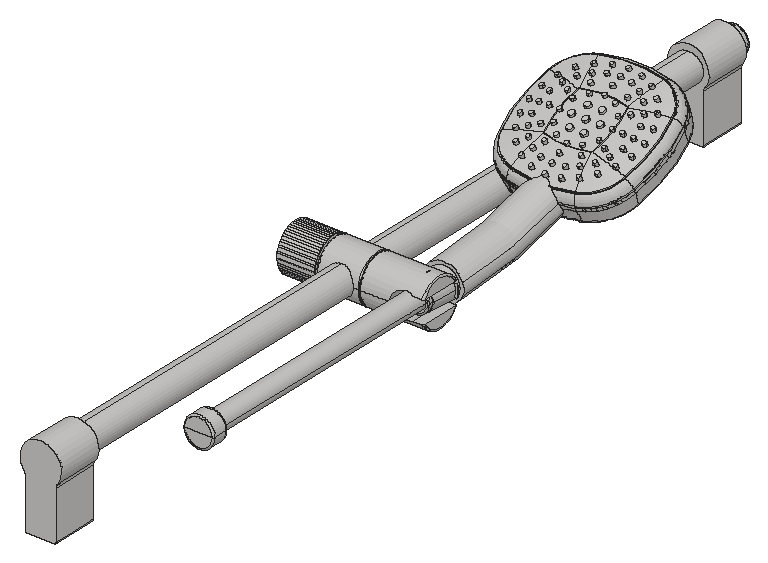
Revit family "Grohe_ShowerRailSet_264062433", category Plumbing Fixtures, host Face, Revit 2020
Family settings
  Host = Face
  Round Connector Dimension = Use Diameter
  Part Type = Normal
  OmniClass Number = 23.45.05.00
  OmniClass Title = Sanitary Equipment
  Cut with Voids When Loaded = No
  Shared = No
  Room Calculation Point = No
Parameters (values of type "Shower Rail Set (264062433)")
  _ObjectUserGuide = "https://www.bimstore.co/products/grohe-264062433/document/object-user-guide"
  _DistributedBy = "https://www.bimstore.co/"
  _CurrentRevision = 1
  _CreatedBy = "https://www.bimstore.co/"
  _BimSpecGuid = 0
  _BSBibleVersion = 17
  _AuthorizedBy = "bimstore"
  _Author = "RL 171"
  WarrantyStartDate [instance] = "Please Record on Commissioning"
  WarrantyGuarantorParts = "info-uk@grohe.com"
  WarrantyGuarantorLabor = "info-uk@grohe.com"
  WarrantyDurationUnit = "Years"
  WarrantyDurationParts = "0"
  WarrantyDurationLabor = "0"
  WarrantyDescription = "n/a"
  URL = "https://www.grohe.co.uk/en_gb/-264062433.html"
  TypeName = "Shower Rail Set"
  Type Comments = "Shower Rail Set"
  TPIDocumentLink = "https://cdn.cloud.grohe.com/tpi/2000/2200/2200/2208/2208654/original/2208654.pdf"
  SustainabilityReport = "green.grohe.com/reporting"
  SustainabilityAward = "green.grohe.com/awards"
  SpareParts = "info-uk@grohe.com"
  Size = "n/a"
  Shape = "n/a"
  SerialNumber [instance] = "Please Record on Commissioning"
  ReplacementCost = "n/a"
  ReferencedStandard = "n/a"
  ProductionYear = "2023"
  ProductType = "Shower Set"
  ProductShortText = "Wall holder set 2 sprays (Rain, Jet)"
  ProductNumber = "264062433"
  ProductDescription = "consisting of:\r\n\r\nhand shower Tempesta 110 (26 161)\r\n\r\nshower outlet elbow 1/2\" with wall shower holder (28 679)\r\n\r\nmale thread\r\n\r\nprotected against backflow\r\n\r\nshower hose Relexaflex 1500 mm 1/2\" x 1/2\" (28 151)\r\n\r\nGROHE Water Saving - Less water, perfect flow\r\n\r\nGROHE SmartSwitch - easily rotate the dial to enjoy your preferred spray option\r\n\r\nGROHE DreamSpray perfect spray pattern\r\n\r\nGROHE Long-Life finish\r\n\r\nSpeedClean anti-limescale system\r\n\r\nInner WaterGuide - inner insulation for surface and scalding protection\r\n\r\nShockProof silicone ring prevents damages caused by shower falling\r\n\r\nmaximum flow rate (at 3 bar): 8.5 l/min\r\n\r\nmin. recommended pressure 1.0 bar\r\n\r\nsuitable for instantaneous heater\r\n\r\nprofessional exclusive"
  PrimaryMaterial = Grohe_Chrome
  PQDiagramLink = "n/a"
  NominalLength = 0 mm
  NominalHeight = 0 mm
  NominalDepth = 0 mm
  NBSReference = "45-35-70/299"
  NBSOfficeMasterTag = "n/a"
  NBSObjectName = "Grohe - Shower fittings package"
  NBSNote = "n/a"
  NBSDescription = "Shower fittings package"
  ModelReference = "Shower Rail Set"
  ModelNumber = "264062433"
  Model = "Shower Rail Set"
  Material = "n/a"
  ManufacturerName = "Grohe"
  Manufacturer = "Grohe"
  Keynote = "N16"
  InstallationVideo = "n/a"
  InstallationDate [instance] = "Please Record on Commissioning"
  IfcExportType = "IfcPipeFittingType"
  IfcExportAs = "IfcPipeFitting"
  Grade = "n/a"
  GROHESustainability = "green.grohe.com"
  GROHESocialCommittment = "green.grohe.com/social_engagement"
  FullRecyclabilityOfPlastic = "All plastic components are fully recycable"
  Finish = "Chrome"
  Features = "n/a"
  FaucetMaterial = Grohe-Chrome
  ExpectedLife = 0
  Ecojoy = no
  DurationUnit = "Years"
  DocumentationTechnical = "https://www.bimstore.co/products/grohe-264062433/document/technical-data-sheet"
  DocumentationMaintenance = "https://www.bimstore.co/products/grohe-264062433/document/maintenance-information"
  DocumentationLiterature = "https://www.bimstore.co/products/grohe-264062433/document/product-literature"
  DocumentationInstallationGuide = "https://www.bimstore.co/products/grohe-264062433/document/installation-guide"
  DocumentationCertificates = "https://www.bimstore.co/products/grohe-264062433/document/product-certificates"
  DimensionsDocumentLink = "https://cdn.cloud.grohe.com/dimdraw/100000/100000/100000/100300/100320/100326/100326491/1280/100326491.jpg"
  Description = "Shower Rail Set"
  Default Elevation = 0 mm
  CreatedOn = "2023-12-05T:09:00:00"
  CreatedBy = "info-uk@grohe.com"
  CradleToCradleCertification = "n/a"
  Cost = 0
  Constituents = "n/a"
  Color = "Grohe_Chrome"
  CodePerformance = "n/a"
  ClassificationValue = "Pr_40_20_87_55"
  ClassificationName = "Uniclass2015"
  CO2NeutralProduction = "GROHE is one of the first leading manufacturer within the sanitary industry having a CO2-neutral production."
  BarCode [instance] = "Please Record on Commissioning"
  BIMObjectName = "Grohe_ShowerRailSet_264062433"
  AssetType = "Fixed"
  AssetIdentifier [instance] = "n/a"
  Assembly Code = "D2013"
  AccessibilityPerformance = "n/a"
Reference planes
  plane 1 "Center (Front/Back)": y = 0
  plane 2: z = 0
  plane 3 "Center (Left/Right)": x = 0
Forms (mm)
  Extrusion 1, solid, material "Grohe_Chrome" <- "PrimaryMaterial"
    sketch origin (49.462, 113.284, 65.481) x (0, -0.906308, -0.422618) y (-1, 0, 0)
      loop
        circle (-54.865, 0) r 2.2
      loop
        circle (-54.865, 11) r 2.2
      loop
        circle (-54.865, 20) r 1.5
      loop
        circle (-54.865, 28) r 1.5
      loop
        circle (-64.183, 34.773) r 1.5
      loop
        circle (-66.254, 42.501) r 1.5
      loop
        circle (-54.865, -11) r 2.2
      loop
        circle (-54.865, -20) r 1.5
      loop
        circle (-54.865, -28) r 1.5
      loop
        circle (-45.548, -34.773) r 1.5
      loop
        circle (-43.477, -42.501) r 1.5
      loop
        circle (-64.392, 5.5) r 2.2
      loop
        circle (-72.186, 10) r 1.5
      loop
        circle (-79.114, 14) r 1.5
      loop
        circle (-89.639, 9.317) r 1.5
      loop
        circle (-97.366, 11.388) r 1.5
      loop
        circle (-45.339, -5.5) r 2.2
      loop
        circle (-37.545, -10) r 1.5
      loop
        circle (-30.617, -14) r 1.5
      loop
        circle (-20.092, -9.317) r 1.5
      loop
        circle (-12.365, -11.388) r 1.5
      loop
        circle (-64.392, -5.5) r 2.2
      loop
        circle (-72.186, -10) r 1.5
      loop
        circle (-79.114, -14) r 1.5
      loop
        circle (-80.321, -25.456) r 1.5
      loop
        circle (-85.978, -31.113) r 1.5
      loop
        circle (-45.339, 5.5) r 2.2
      loop
        circle (-37.545, 10) r 1.5
      loop
        circle (-30.617, 14) r 1.5
      loop
        circle (-29.41, 25.456) r 1.5
      loop
        circle (-23.753, 31.113) r 1.5
      loop
        circle (-74.865, 0) r 1.5
      loop
        circle (-82.865, 0) r 1.5
      loop
        circle (-89.639, -9.317) r 1.5
      loop
        circle (-97.366, -11.388) r 1.5
      loop
        circle (-34.865, 0) r 1.5
      loop
        circle (-26.865, 0) r 1.5
      loop
        circle (-20.092, 9.317) r 1.5
      loop
        circle (-12.365, 11.388) r 1.5
      loop
        circle (-64.865, -17.321) r 1.5
      loop
        circle (-68.865, -24.249) r 1.5
      loop
        circle (-64.183, -34.773) r 1.5
      loop
        circle (-66.254, -42.501) r 1.5
      loop
        circle (-44.865, 17.321) r 1.5
      loop
        circle (-40.865, 24.249) r 1.5
      loop
        circle (-45.548, 34.773) r 1.5
      loop
        circle (-43.477, 42.501) r 1.5
      loop
        circle (-64.865, 17.321) r 1.5
      loop
        circle (-68.865, 24.249) r 1.5
      loop
        circle (-80.321, 25.456) r 1.5
      loop
        circle (-85.978, 31.113) r 1.5
      loop
        circle (-44.865, -17.321) r 1.5
      loop
        circle (-40.865, -24.249) r 1.5
      loop
        circle (-29.41, -25.456) r 1.5
      loop
        circle (-23.753, -31.113) r 1.5
      loop
        circle (-54.865, 36) r 1.5
      loop
        circle (-54.865, 44) r 1.5
      loop
        circle (-54.865, -36) r 1.5
      loop
        circle (-54.865, -44) r 1.5
      loop
        circle (-86.042, 18) r 1.5
      loop
        circle (-92.971, 22) r 1.5
      loop
        circle (-23.689, -18) r 1.5
      loop
        circle (-16.76, -22) r 1.5
      loop
        circle (-86.042, -18) r 1.5
      loop
        circle (-92.971, -22) r 1.5
      loop
        circle (-23.689, 18) r 1.5
      loop
        circle (-16.76, 22) r 1.5
      loop
        circle (-90.865, 0) r 1.5
      loop
        circle (-98.865, 0) r 1.5
      loop
        circle (-18.865, 0) r 1.5
      loop
        circle (-10.865, 0) r 1.5
      loop
        circle (-72.865, -31.177) r 1.5
      loop
        circle (-76.865, -38.105) r 1.5
      loop
        circle (-36.865, 31.177) r 1.5
      loop
        circle (-32.865, 38.105) r 1.5
      loop
        circle (-72.865, 31.177) r 1.5
      loop
        circle (-76.865, 38.105) r 1.5
      loop
        circle (-36.865, -31.177) r 1.5
      loop
        circle (-32.865, -38.105) r 1.5
    from -20 to 0
  Sweep 2, solid, material "Grohe_Chrome" <- "PrimaryMaterial"
    path origin (49.462, 109.689, 70.967) x (0, -0.906308, -0.422618) y (-1, 0, 0)
      loop
        arc (-107.343, 26.011) -> (-110.42, 0) -> (-107.343, -26.011) r 111.472
        arc (-107.343, -26.011) -> (-98.058, -42.593) -> (-81.476, -51.878) r 35
        arc (-81.476, -51.878) -> (-55.465, -54.955) -> (-29.455, -51.878) r 111.472
        arc (-29.455, -51.878) -> (-12.873, -42.593) -> (-3.588, -26.011) r 35
        arc (-3.588, -26.011) -> (-0.511, 0) -> (-3.588, 26.011) r 111.472
        arc (-3.588, 26.011) -> (-12.873, 42.593) -> (-29.455, 51.878) r 35
        arc (-29.455, 51.878) -> (-55.465, 54.955) -> (-81.476, 51.878) r 111.472
        arc (-81.476, 51.878) -> (-98.058, 42.593) -> (-107.343, 26.011) r 35
    profile origin (49.462, 209.764, 117.633) x (0, -0.906308, -0.422618) y (0, 0.422618, -0.906308)
      loop
        line (34, 1.691) -> (34, 25.744)
        arc (34, 25.744) -> (17.527, 23.821) -> (1.94, 18.154) r 71.503
        arc (1.94, 18.154) -> (1.231, 17.559) -> (0.866, 16.709) r 2
        arc (0.866, 16.709) -> (0.217, 11.719) -> (0, 6.691) r 58.37
        line (0, 6.691) -> (0, 3.691)
        arc (0, 3.691) -> (0.054, 2.685) -> (0.214, 1.691) r 9.474
        line (0.214, 1.691) -> (34, 1.691)
  Sweep 3, solid, material "Grohe_Chrome" <- "PrimaryMaterial"
    path origin (49.462, 109.689, 70.967) x (0, -0.906308, -0.422618) y (-1, 0, 0)
      loop
        arc (-107.343, 26.011) -> (-110.42, 0) -> (-107.343, -26.011) r 111.472
        arc (-107.343, -26.011) -> (-98.058, -42.593) -> (-81.476, -51.878) r 35
        arc (-81.476, -51.878) -> (-55.465, -54.955) -> (-29.455, -51.878) r 111.472
        arc (-29.455, -51.878) -> (-12.873, -42.593) -> (-3.588, -26.011) r 35
        arc (-3.588, -26.011) -> (-0.511, 0) -> (-3.588, 26.011) r 111.472
        arc (-3.588, 26.011) -> (-12.873, 42.593) -> (-29.455, 51.878) r 35
        arc (-29.455, 51.878) -> (-55.465, 54.955) -> (-81.476, 51.878) r 111.472
        arc (-81.476, 51.878) -> (-98.058, 42.593) -> (-107.343, 26.011) r 35
    profile origin (49.462, 209.764, 117.633) x (0, -0.906308, -0.422618) y (0, 0.422618, -0.906308)
      loop
        arc (0, 3.691) -> (1.19, -0.907) -> (4.462, -4.349) r 9.474
        line (4.462, -4.349) -> (5.462, -4.349) -> (5.462, -5.149)
        arc (5.462, -5.149) -> (19.638, -7.589) -> (34, -8.406) r 126.653
        line (34, -8.406) -> (34, 6.491) -> (0, 6.491) -> (0, 3.691)
  Sweep 4, void
    path origin (49.462, 109.689, 70.967) x (0, -0.906308, -0.422618) y (-1, 0, 0)
      loop
        arc (-107.343, 26.011) -> (-110.42, 0) -> (-107.343, -26.011) r 111.472
        arc (-107.343, -26.011) -> (-98.058, -42.593) -> (-81.476, -51.878) r 35
        arc (-81.476, -51.878) -> (-55.465, -54.955) -> (-29.455, -51.878) r 111.472
        arc (-29.455, -51.878) -> (-12.873, -42.593) -> (-3.588, -26.011) r 35
        arc (-3.588, -26.011) -> (-0.511, 0) -> (-3.588, 26.011) r 111.472
        arc (-3.588, 26.011) -> (-12.873, 42.593) -> (-29.455, 51.878) r 35
        arc (-29.455, 51.878) -> (-55.465, 54.955) -> (-81.476, 51.878) r 111.472
        arc (-81.476, 51.878) -> (-98.058, 42.593) -> (-107.343, 26.011) r 35
    profile origin (49.462, 209.764, 117.633) x (0, -0.906308, -0.422618) y (0, 0.422618, -0.906308)
      loop
        line (3.533, -13.509) -> (34, -13.509) -> (34, -9.806)
        arc (34, -9.806) -> (18.656, -8.883) -> (3.533, -6.129) r 128.053
        line (3.533, -6.129) -> (3.533, -13.509)
  Extrusion 5, solid, material "Grohe_Chrome" <- "PrimaryMaterial"
    sketch origin (0.024, -526.06, -253.893) x (0, 0.906308, 0.422618) y (-1, 0, 0)
      loop
        arc (750.864, -30.543) -> (750.39, -30.808) -> (750.125, -31.282) r 1
        arc (750.125, -31.282) -> (747.986, -49.359) -> (750.125, -67.437) r 77.472
        arc (750.125, -67.437) -> (750.39, -67.91) -> (750.864, -68.176) r 1
        arc (750.864, -68.176) -> (768.941, -70.314) -> (787.018, -68.176) r 77.472
        arc (787.018, -68.176) -> (787.492, -67.91) -> (787.757, -67.437) r 1
        arc (787.757, -67.437) -> (789.896, -49.359) -> (787.757, -31.282) r 77.472
        arc (787.757, -31.282) -> (787.492, -30.808) -> (787.018, -30.543) r 1
        arc (787.018, -30.543) -> (768.941, -28.404) -> (750.864, -30.543) r 77.472
    from 0 to 34.15
  Extrusion 6, void
    sketch origin (0.024, -627.308, -36.764) x (0, 1, 0) y (0, 0, 1)
      loop
        line (803.076, 148.945) -> (793.454, 169.581) -> (753.79, 151.085) -> (763.412, 130.449) -> (803.076, 148.945)
    from 27.287 to 71.991
  Extrusion 7, solid, material "Grohe_Chrome" <- "PrimaryMaterial"
    sketch origin (0, 179.859, 0) x (1, 0, 0) y (0, 0, 1)
      loop
        arc (-11.7, 1) -> (-11.407, 0.293) -> (-10.7, 0) r 1
        line (-10.7, 0) -> (10.7, 0)
        arc (10.7, 0) -> (11.407, 0.293) -> (11.7, 1) r 1
        line (11.7, 1) -> (11.7, 38.458)
        arc (11.7, 38.458) -> (11.913, 39.745) -> (12.528, 40.895) r 4
        arc (12.528, 40.895) -> (0, 66.322) -> (-12.528, 40.895) r 15.8
        arc (-12.528, 40.895) -> (-11.913, 39.745) -> (-11.7, 38.458) r 4
        line (-11.7, 38.458) -> (-11.7, 1)
    from 445.549 to 480.549
  Extrusion 8, solid, material "Grohe_Chrome" <- "PrimaryMaterial"
    sketch origin (0, -120.141, 0) x (1, 0, 0) y (0, 0, 1)
      loop
        arc (-11.7, 1) -> (-11.407, 0.293) -> (-10.7, 0) r 1
        line (-10.7, 0) -> (10.7, 0)
        arc (10.7, 0) -> (11.407, 0.293) -> (11.7, 1) r 1
        line (11.7, 1) -> (11.7, 38.458)
        arc (11.7, 38.458) -> (11.913, 39.745) -> (12.528, 40.895) r 4
        arc (12.528, 40.895) -> (0, 66.322) -> (-12.528, 40.895) r 15.8
        arc (-12.528, 40.895) -> (-11.913, 39.745) -> (-11.7, 38.458) r 4
        line (-11.7, 38.458) -> (-11.7, 1)
    from -436.451 to -471.451
  Revolve 9, solid, material "Grohe_Chrome" <- "PrimaryMaterial"
    sketch origin (0, 29.802, 0) x (0, 1, 0) y (0, 0, 1)
      loop
        arc (330.558, 50.5) -> (330.419, 55.736) -> (330.005, 60.958) r 99.247
        arc (330.005, 60.958) -> (329.81, 61.341) -> (329.408, 61.495) r 0.6
        line (329.408, 61.495) -> (-305.992, 61.495) -> (-305.992, 50.5) -> (330.558, 50.5)
      axis (330.558, 50.5) -> (-305.992, 50.5)
    angle from 0 to 360
  Revolve 10, solid, material "Grohe_Chrome" <- "PrimaryMaterial"
    sketch origin (0, -10.421, 50.496) x (0, 1, 0) y (-1, 0, 0)
      loop
        line (28.175, -16.85) -> (27.275, -16.85) -> (27.275, -16) -> (28.175, -16)
        arc (28.175, -16) -> (28.529, -15.854) -> (28.675, -15.5) r 0.5
        line (28.675, -15.5) -> (28.675, 15.5)
        arc (28.675, 15.5) -> (28.529, 15.854) -> (28.175, 16) r 0.5
        line (28.175, 16) -> (27.275, 16) -> (27.275, 17.23) -> (28.191, 17.23)
        arc (28.191, 17.23) -> (28.544, 17.376) -> (28.691, 17.73) r 0.5
        line (28.691, 17.73) -> (28.691, 46.588)
        arc (28.691, 46.588) -> (19.721, 47.692) -> (10.691, 48.061) r 110.752
        line (10.691, 48.061) -> (10.691, -63.35) -> (27.675, -63.35)
        arc (27.675, -63.35) -> (28.383, -63.057) -> (28.675, -62.35) r 1
        line (28.675, -62.35) -> (28.675, -17.35)
        arc (28.675, -17.35) -> (28.529, -16.996) -> (28.175, -16.85) r 0.5
      axis (10.691, 48.061) -> (10.691, -63.35)
    angle from 0 to 360
  Extrusion 11, solid, material "Grohe_Chrome" <- "PrimaryMaterial"
    sketch origin (0, -120.18, -0.004) x (0, 1, 0) y (0, 0, 1)
      loop
        line (143.443, 49.925) -> (143.443, 51.075)
        arc (143.443, 51.075) -> (143.429, 51.654) -> (143.385, 52.231) r 11.404
        arc (143.385, 52.231) -> (143.092, 52.842) -> (142.477, 53.126) r 1
        line (142.477, 53.126) -> (139.676, 53.371)
        arc (139.676, 53.371) -> (138.552, 53.841) -> (137.91, 54.877) r 2
        arc (137.91, 54.877) -> (102.451, 50.5) -> (137.91, 46.123) r 18
        arc (137.91, 46.123) -> (138.552, 47.159) -> (139.676, 47.629) r 2
        line (139.676, 47.629) -> (142.477, 47.874)
        arc (142.477, 47.874) -> (143.092, 48.158) -> (143.385, 48.769) r 1
        arc (143.385, 48.769) -> (143.429, 49.346) -> (143.443, 49.925) r 11.404
    from -46.588 to -17.23
  Extrusion 12, void
    sketch origin (-6.641, -107.519, -0.008) x (1, 0, 0) y (0, 0, 1)
      loop
        line (61.745, 41.896) -> (73.272, 41.896) -> (73.272, 59.104) -> (61.745, 59.104)
        arc (61.745, 59.104) -> (45.783, 50.5) -> (61.745, 41.896) r 10.3
    from -125 to -80
  Revolve 13, solid, material "Grohe_Chrome" <- "PrimaryMaterial"
    sketch origin (49.359, -1.749, 50.496) x (0, 1, 0) y (-1, 0, 0)
      loop
        line (-210.505, 0) -> (31.727, 0) -> (31.763, 9.11) -> (26.972, 9.11) -> (26.972, 10.691)
        arc (26.972, 10.691) -> (26.789, 11.123) -> (26.352, 11.291) r 0.6
        line (26.352, 11.291) -> (24.037, 11.214) -> (23.472, 11.78) -> (-0.009, 10.492) -> (-0.609, 9.948) -> (-3.028, 9.948)
        arc (-3.028, 9.948) -> (-3.594, 9.713) -> (-3.828, 9.148) r 0.8
        line (-3.828, 9.148) -> (-3.828, 7.5) -> (-198.005, 7.5) -> (-198.005, 10.5)
        arc (-198.005, 10.5) -> (-198.298, 11.207) -> (-199.005, 11.5) r 1
        line (-199.005, 11.5) -> (-209.505, 11.5)
        arc (-209.505, 11.5) -> (-210.212, 11.207) -> (-210.505, 10.5) r 1
        line (-210.505, 10.5) -> (-210.505, 0)
      axis (-210.505, 0) -> (31.763, 0)
    angle from 0 to 360
  Revolve 14, solid, material "Grohe_Chrome" <- "PrimaryMaterial"
    sketch origin (49.317, 15.327, 44.101) x (0, 0, -1) y (0, 1, 0)
      loop
        arc (-9.533, 129.314) -> (-11.755, 136.378) -> (-14.588, 143.22) r 84.481
        line (-14.588, 143.22) -> (-22.947, 139.322) -> (-16.718, 125.963) -> (-9.533, 129.314)
      axis (-22.947, 139.322) -> (-14.588, 143.22)
    angle from 0 to 360
  Extrusion 15, solid, material "Grohe_Chrome" <- "PrimaryMaterial"
    sketch origin (49.317, 132.126, 80.068) x (0, -0.906308, -0.422618) y (-1, 0, 0)
      loop
        line (-8.899, -2.114) -> (-3.869, -2.114)
        arc (-3.869, -2.114) -> (-1.755, 0) -> (-3.869, 2.114) r 2.114
        line (-3.869, 2.114) -> (-8.899, 2.114)
        arc (-8.899, 2.114) -> (-11.013, 0) -> (-8.899, -2.114) r 2.114
    from 21.318 to 32.784
  Sweep 16, solid, material "Grohe_Chrome" <- "PrimaryMaterial"
    path origin (49.317, 15.327, 50.351) x (0, 0, -1) y (0, 1, 0)
      loop
        arc (13.861, 6.194) -> (8.947, 62.092) -> (-5.641, 116.276) r 320.437
    profile origin (49.317, 21.521, 36.49) x (0, 0, 1) y (1, 0, 0)
      loop
        arc (9.349, -14.681) -> (14.002, -15.714) -> (18.654, -14.681) r 11
        arc (18.654, -14.681) -> (28.003, 0) -> (18.654, 14.681) r 16.202
        arc (18.654, 14.681) -> (14.002, 15.714) -> (9.349, 14.681) r 11
        arc (9.349, 14.681) -> (0, 0) -> (9.349, -14.681) r 16.202
Cuts and joins
  Sweep 4, Extrusion 6 cuts Extrusion 1
  joined: Sweep 2, Sweep 16
  Extrusion 12 cuts Revolve 10
  joined: Extrusion 7, Extrusion 8, Revolve 9, Revolve 10
Dimensions and locks
  aligned and locked: plane 2 to host face
  aligned and locked: level to host face
